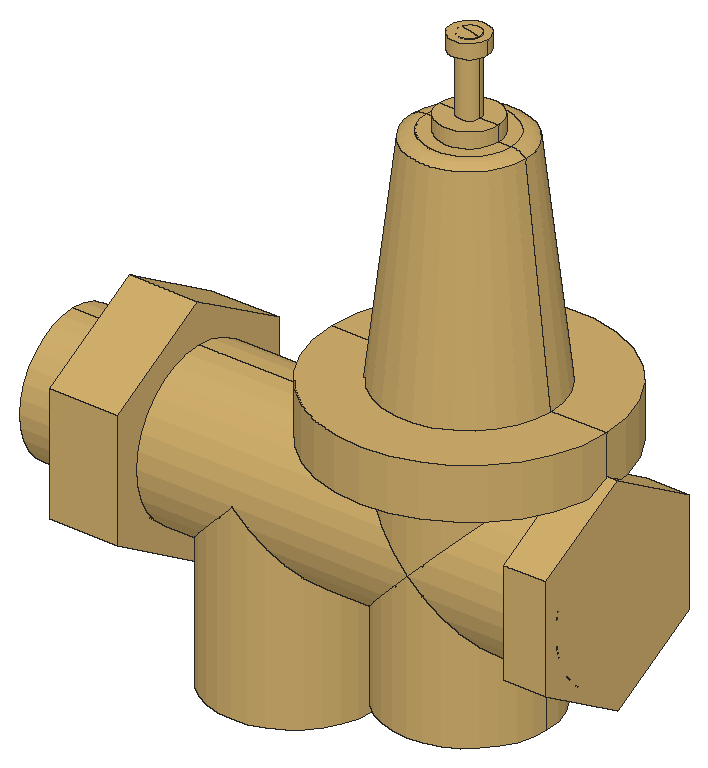
Revit family "xWater_Pressure_Reducing_Valves-WATTS-LF25AUB-Z3_Series", category Pipe Accessories, Revit 2014
Parameters (values of type "2" LF25AUB-S-Z3")
  Union_Thk = 1.160"
  Union_AF = 1.720"
  Union_AC = Union_AF * 1.155  # 1.9866"
  URL = "http://www.watts.com"
  Tailpiece_Rad = 1.136"
  Tailpiece_Length = 0.974"
  STR_Rad = 1.330"
  STR_Length = 3.240"
  STR_Dist = 2.990"
  Region = "North America"  # constant formula
  Product Page URL = "http://www.watts.com/pages/_products_details.asp?pid=6805"
  Product Documentation Link = "http://media.wattswater.com/ES-LF25AUB.pdf"
  Out_Dist = 2.530"
  OAL = In_Dist + Out_Dist - Tailpiece_Length  # 8.316"
  Model = "LF25AUB-S-Z3"
  Max. Working Pressure = "300psi (20.7 bar)"  # constant formula
  Material = "Lead Free-WATTS-Brass"  # constant formula
  Manufacturer Product Line = "Water Safety & Flow Control"  # constant formula
  Manufacturer = "WATTS"
  Installation Instructions = "http://www.watts.com/pdf/1911439.pdf"
  In_Dist = 6.760"
  Flow Rate = "See Specification Sheet"
  Description = "Series LF25AUB-Z3 Lead Free* Water Pressure Reducing Valves are used in commercial and residential applications to reduce incoming water pressure for protection of plumbing system components and to reduce water consumption. It consists of a Lead Free* copper silicon alloy body construction, union inlet connection, integral stainless steel strainer and high temperature resistant reinforced diaphragm for hot water.  The Series LF25AUB-Z3 is available with a variety of end connections including: threaded, solder, PEX, quick-connect and CPVC with both union and double union connections. Series LF25AUB-Z3 has an adjustable pressure range and is serviceable in-line. Maximum Working Pressure: 300psi (21 bar), Adjustable Reduced Pressure Range: 25 to 75psi (172 to 517 kPa), Standard Pressure Setting: 50psi (344kPa)."  # constant formula
  Country = "United States"  # constant formula
  Connection_Rad = 1"
  Connection Type = "2\" Female Sweat"
  Connection Size = Connection_Rad * 2  # 2.000"
  Cage_Top_Rad = 0.726"
  Cage_Hieght = 3.810"
  Cage_Flange_Thk = 0.870"
  Cage_Flange_Rad = 2.345"
  Cage_Fillet = 0.370"
  Cage_Dist = 2.420"
  Cage_Btm_Rad = 1.400"
  Cage_Boss_Rad = 0.500"
  Cage_Boss_Hieght = 0.250"
  Btm_Plug_Dist = 2.475"
  Body_Main_Rad = 1.330"
  Body_Hex_Thk = -0.730"
  Body_Hex_AF = 1.520"
  Body_Hex_AC = Body_Hex_AF * 1.155  # 1.7556"
  Body_Flow_Rad = 1.330"
  Adj_Screw_WP = Cage_Dist + Cage_Hieght + Cage_Boss_Hieght + Adj_Screw_Hieght  # 7.730"
  Adj_Screw_Rad = 0.187"
  Adj_Screw_Hieght = 1.250"
  Adj_Screw_Head_Hieght = -0.240"
  Adj_Screw_Head_AF = 0.320"
Types (13): name | Union_Thk | Union_AF | Union_AC | Tailpiece_Rad | Tailpiece_Length | STR_Rad | STR_Length | STR_Dist | Out_Dist | OAL | Model | In_Dist | Connection_Rad | Connection Type | Connection Size | Cage_Top_Rad | Cage_Hieght | Cage_Flange_Thk | Cage_Flange_Rad | Cage_Fillet | Cage_Dist | Cage_Btm_Rad | Cage_Boss_Rad | Cage_Boss_Hieght | Btm_Plug_Dist | Body_Main_Rad | Body_Hex_Thk | Body_Hex_AF | Body_Hex_AC | Body_Flow_Rad | Adj_Screw_WP
  (no name) | 1.160" | 1.720" | 1.9866" | 1.136" | 0.974" | 1.330" | 3.240" | 2.990" | 2.530" | 8.316" | "LF25AUB-S-Z3" | 6.760" | 1" | "2\" Female Sweat" | 2.000" | 0.726" | 3.810" | 0.870" | 2.345" | 0.370" | 2.420" | 1.400" | 0.500" | 0.250" | 2.475" | 1.330" | -0.730" | 1.520" | 1.7556" | 1.330" | 7.730"
  1/2" LF25AUB-Z3 | 0.500" | 0.655" | 0.75653" | 0.508" | 0.453" | 0.625" | 1.390" | 1.690" | 1.690" | 4.880" | "25LFAUB-Z3" | 3.643" | 1/4" | "1/2\" Female NPT" | 0.500" | 0.476" | 2.470" | 0.560" | 1.515" | 0.250" | 1.230" | 0.920" | 0.375" | 0.280" | 1.220" | 0.690" | -0.560" | 0.675" | 0.77963" | 0.625" | 5.230"
  1/2" LF25AUB-S-Z3 | 0.500" | 0.655" | 0.75653" | 0.378" | 0.451" | 0.625" | 1.390" | 1.690" | 1.690" | 4.842" | "LF25AUB-S-Z3" | 3.603" | 1/4" | "1/2\" Female Sweat" | 0.500" | 0.476" | 2.470" | 0.560" | 1.515" | 0.250" | 1.230" | 0.920" | 0.375" | 0.280" | 1.220" | 0.690" | -0.560" | 0.675" | 0.77963" | 0.625" | 5.230"
  3/4" LF25AUB-Z3 | 0.640" | 0.845" | 0.97598" | 0.633" | 0.438" | 0.625" | 1.390" | 1.690" | 1.623" | 4.858" | "LF25AUB-Z3" | 3.673" | 3/8" | "3/4\" Female NPT" | 0.750" | 0.476" | 2.470" | 0.540" | 1.530" | 0.250" | 1.230" | 0.920" | 0.375" | 0.280" | 1.220" | 0.690" | -0.500" | 0.780" | 0.9009" | 0.625" | 5.230"
  3/4" LF25AUB-S-Z3 | 0.640" | 0.845" | 0.97598" | 0.503" | 0.638" | 0.625" | 1.390" | 1.690" | 1.623" | 4.858" | "LF25AUB-S-Z3" | 3.873" | 3/8" | "3/4\" Female Sweat" | 0.750" | 0.476" | 2.470" | 0.540" | 1.530" | 0.250" | 1.230" | 0.920" | 0.375" | 0.280" | 1.220" | 0.690" | -0.500" | 0.780" | 0.9009" | 0.625" | 5.230"
  1" LF25AUB-Z3 | 0.625" | 1.000" | 1.155" | 0.781" | 0.505" | 0.655" | 1.790" | 1.940" | 1.913" | 5.455" | "LF25AUB-Z3" | 4.047" | 1/2" | "1\" Female NPT" | 1.000" | 0.550" | 2.720" | 0.584" | 1.780" | 0.250" | 1.574" | 1.015" | 0.375" | 0.280" | 1.846" | 0.875" | -0.621" | 0.875" | 1.01063" | 0.825" | 5.824"
  1" LF25AUB-S-Z3 | 0.625" | 1.000" | 1.155" | 0.628" | 0.735" | 0.655" | 1.790" | 1.940" | 1.913" | 5.455" | "LF25AUB-S-Z3" | 4.277" | 1/2" | "1\" Female Sweat" | 1.000" | 0.550" | 2.720" | 0.584" | 1.780" | 0.250" | 1.574" | 1.015" | 0.375" | 0.280" | 1.846" | 0.875" | -0.621" | 0.875" | 1.01063" | 0.825" | 5.824"
  1-1/4" LF25AUB-Z3 | 0.938" | 1.290" | 1.48995" | 0.945" | 0.830" | 1.130" | 2.226" | 2.670" | 2.400" | 7.860" | "LF25AUB-Z3" | 6.290" | 5/8" | "1-1/4\" Female NPT" | 1.250" | 0.570" | 3.190" | 0.725" | 2.000" | 0.370" | 1.985" | 1.210" | 0.375" | 0.190" | 2.226" | 1.130" | -0.710" | 1.220" | 1.4091" | 1.130" | 6.615"
  1-1/4" LF25AUB-S-Z3 | 0.938" | 1.290" | 1.48995" | 0.745" | 0.685" | 1.130" | 2.226" | 2.670" | 2.400" | 7.715" | "LF25AUB-S-Z3" | 6.000" | 5/8" | "1-1/4\" Female Sweat" | 1.250" | 0.570" | 3.190" | 0.725" | 2.000" | 0.370" | 1.985" | 1.210" | 0.375" | 0.190" | 2.226" | 1.130" | -0.710" | 1.220" | 1.4091" | 1.130" | 6.615"
  1-1/2" LF25AUB-Z3 | 0.938" | 1.500" | 1.7325" | 1.105" | 0.770" | 1.130" | 2.226" | 2.670" | 2.400" | 7.920" | "LF25AUB-Z3" | 6.290" | 3/4" | "1-1/2\" Female NPT" | 1.500" | 0.570" | 3.190" | 0.725" | 2.000" | 0.370" | 1.985" | 1.210" | 0.375" | 0.190" | 2.226" | 1.130" | -0.710" | 1.220" | 1.4091" | 1.130" | 6.615"
  1-1/2" LF25AUB-S-Z3 | 0.938" | 1.500" | 1.7325" | 0.876" | 0.740" | 1.130" | 2.226" | 2.670" | 2.400" | 7.780" | "LF25AUB-S-Z3" | 6.120" | 3/4" | "1-1/2\" Female Sweat" | 1.500" | 0.570" | 3.190" | 0.725" | 2.000" | 0.370" | 1.985" | 1.210" | 0.375" | 0.190" | 2.226" | 1.130" | -0.710" | 1.220" | 1.4091" | 1.130" | 6.615"
  2" LF25AUB-Z3 | 1.160" | 1.720" | 1.9866" | 1.330" | 0.794" | 1.330" | 3.240" | 2.990" | 2.530" | 8.446" | "LF25AUB-Z3" | 6.710" | 1" | "2\" Female NPT" | 2.000" | 0.726" | 3.810" | 0.870" | 2.345" | 0.370" | 2.420" | 1.400" | 0.500" | 0.250" | 2.475" | 1.330" | -0.730" | 1.520" | 1.7556" | 1.330" | 7.730"
  2" LF25AUB-S-Z3 | 1.160" | 1.720" | 1.9866" | 1.136" | 0.974" | 1.330" | 3.240" | 2.990" | 2.530" | 8.316" | "LF25AUB-S-Z3" | 6.760" | 1" | "2\" Female Sweat" | 2.000" | 0.726" | 3.810" | 0.870" | 2.345" | 0.370" | 2.420" | 1.400" | 0.500" | 0.250" | 2.475" | 1.330" | -0.730" | 1.520" | 1.7556" | 1.330" | 7.730"
Reference planes (in)
  plane 1 "Center (Front/Back)": y = 0
  plane 2: z = 0
  plane 3 "Center (Left/Right)": x = 0
  plane 4 "IN": x = -6.76
  plane 5 "OUT": x = 2.53
  plane 6 "Strainer": x = -2.99
  plane 7 "Union_Nut": x = -5.786
  plane 8 "AdjustingScrew": z = 7.73
  plane 9: y = 1.33
  plane 10: y = -1.33
  plane 11: x = 1.556
Forms (in)
  Extrusion 1, solid, material "Lead Free-WATTS-Brass"
    sketch origin (-5.786, 0, 0) x (0, 0, 1) y (0, -1, 0)
      loop
        circle (0, 0) r 1.33
    from 0 to 8.316 <- "OAL"
  Extrusion 2, solid, material "Lead Free-WATTS-Brass"
    sketch origin (-6.76, 0, 0) x (0, 0, 1) y (0, -1, 0)
      loop
        circle (0, 0) r 1.136
    from 0 to 0.974 <- "Tailpiece_Length"
  Extrusion 3, solid, material "Lead Free-WATTS-Brass"
    sketch origin (-5.786, 0, 0) x (0, 0, 1) y (0, -1, 0)
      loop
        line (0.99253, -1.72) -> (1.9866, 0) -> (0.99253, 1.72) -> (-0.99253, 1.72) -> (-1.9866, 0) -> (-0.99253, -1.72) -> (0.99253, -1.72)
    from 0 to 1.16 <- "Union_Thk"
  Extrusion 4, solid, material "Lead Free-WATTS-Brass"
    sketch origin (2.53, 0, 0) x (0, 0, 1) y (0, -1, 0)
      loop
        line (-0.87712, 1.52) -> (-1.7556, 0) -> (-0.87712, -1.52) -> (0.87712, -1.52) -> (1.7556, 0) -> (0.87712, 1.52) -> (-0.87712, 1.52)
    from 0 to -0.73 <- "Body_Hex_Thk"
  Revolve 5, solid, material "Lead Free-WATTS-Brass"
    sketch origin (0, 0, 0) x (1, 0, 0) y (0, 0, 1)
      loop
        line (0, -2.475) -> (0, 2.42) -> (-2.345, 2.42) -> (-2.345, 1.55) -> (-1.33, 1.55) -> (-1.33, -2.475) -> (0, -2.475)
      axis (0, 2.42) -> (0, -2.475)
    angle from 0 to 360
  Revolve 6, solid, material "Lead Free-WATTS-Brass"
    sketch origin (0, 0, 0) x (1, 0, 0) y (0, 0, 1)
      loop
        line (-1.4, 2.42) -> (0, 2.42) -> (0, 7.73) -> (-0.187, 7.73) -> (-0.187, 6.48) -> (-0.5, 6.48) -> (-0.5, 6.23) -> (-0.726, 6.23)
        arc (-0.726, 6.23) -> (-0.8577, 6.20577) -> (-0.97215, 6.13624) r 0.37
        line (-0.97215, 6.13624) -> (-1.4, 2.42)
      axis (0, 7.73) -> (0, 2.42)
    angle from 0 to 360
  Extrusion 7, solid, material "Lead Free-WATTS-Brass"
    sketch origin (0, 0, 7.73) x (-1, 0, 0) y (0, -1, 0)
      loop
        circle (0, 0) r 0.32
    from 0 to -0.24 <- "Adj_Screw_Head_Hieght"
  Revolve 8, solid, material "Lead Free-WATTS-Brass"
    sketch origin (0, 0, 0) x (1, 0, 0) y (0, 0, 1)
      loop
        line (-2.99, 0) -> (-4.32, 0) -> (-4.32, -3.24) -> (-2.99, -3.24) -> (-2.99, 0)
      axis (-2.99, 0) -> (-2.99, -3.24)
    angle from 0 to 360
Lines and regions (in)
  Masking region 1, detail levels fine
    outline origin (0, 0, 7.73) x (-1, 0, 0) y (0, -1, 0)
      loop
        line (6.76, -1.136) -> (6.76, 1.136) -> (5.786, 1.136) -> (5.786, 1.755) -> (4.626, 1.755) -> (4.626, 1.33) -> (1.93135, 1.33)
        arc (1.93135, 1.33) -> (0.11971, 2.34194) -> (-1.78567, 1.52) r 2.345
        line (-1.78567, 1.52) -> (-2.53, 1.52) -> (-2.53, -1.52) -> (-1.78567, -1.52)
        arc (-1.78567, -1.52) -> (0.11971, -2.34194) -> (1.93135, -1.33) r 2.345
        line (1.93135, -1.33) -> (4.626, -1.33) -> (4.626, -1.755) -> (5.786, -1.755) -> (5.786, -1.136) -> (6.76, -1.136)
  symbolic lines, detail levels fine
    curve 1: circle (0, 0, 7.73) r 2.345 normal (0, 0, -1)
    curve 2: line (-5.786, 1.136, 7.73) -> (-5.786, -1.136, 7.73)
    curve 3: line (-4.626, -1.33, 7.73) -> (-4.626, 1.33, 7.73)
  model lines, detail levels coarse+medium
    curve 4: line (-5.786, 1.33, 0) -> (-5.786, -1.33, 0)
    curve 5: line (1.556, 1.33, 0) -> (1.556, -1.33, 0)
    curve 6: line (-5.786, 1.33, 0) -> (1.556, -1.33, 0)
    curve 7: line (1.556, 1.33, 0) -> (-5.786, -1.33, 0)
    curve 8: line (1.556, 0, 0) -> (2.53, 0, 0)
    curve 9: line (-5.786, 0, 0) -> (-6.76, 0, 0)
Dimensions and locks (in)
  "In_Dist": plane 3 "Center (Left/Right)" to plane 4 "IN"
  "Out_Dist": plane 5 "OUT" to plane 3 "Center (Left/Right)"
  "STR_Dist": plane 3 "Center (Left/Right)" to plane 6 "Strainer"
  "Tailpiece_Length": plane 7 "Union_Nut" to plane 4 "IN"
  "Union_AF": Extrusion 3 sketch curve to plane 1 "Center (Front/Back)"
  "Union_AF": plane 1 "Center (Front/Back)" to Extrusion 3 sketch curve  (x5)
  "Union_AC": level to Extrusion 3 sketch curve
  "Union_AC": Extrusion 3 sketch curve to level
  "Body_Hex_AF": Extrusion 4 sketch curve to plane 1 "Center (Front/Back)"  (x5)
  "Body_Hex_AF": plane 1 "Center (Front/Back)" to Extrusion 4 sketch curve
  "Body_Hex_AC": Extrusion 4 sketch curve to level
  "Body_Hex_AC": level to Extrusion 4 sketch curve
  "Body_Main_Rad": Revolve 5 sketch curve to Revolve 5 sketch curve
  "Cage_Flange_Rad": Revolve 5 sketch curve to Revolve 5 sketch curve
  "Cage_Dist": Revolve 5 sketch curve to level
  "Cage_Flange_Thk": Revolve 5 sketch curve to Revolve 5 sketch curve
  "Btm_Plug_Dist": level to Revolve 5 sketch curve
  "Cage_Btm_Rad": plane 3 "Center (Left/Right)" to Revolve 6 sketch curve
  "Adj_Screw_Rad": plane 3 "Center (Left/Right)" to Revolve 6 sketch curve
  "Cage_Boss_Rad": Revolve 6 sketch curve to Revolve 6 sketch curve
  "Cage_Top_Rad": Revolve 6 sketch curve to Revolve 6 sketch curve
  "Cage_Hieght": Revolve 6 sketch curve to Revolve 5
  "Cage_Boss_Hieght": Revolve 6 sketch curve to Revolve 6 sketch curve
  "Adj_Screw_Hieght": Revolve 6 sketch curve to Revolve 6 sketch curve
  "Adj_Screw_WP": plane 8 "AdjustingScrew" to level
  "STR_Length": level to Revolve 8 sketch curve
  "STR_Rad": plane 6 "Strainer" to Revolve 8 sketch curve
  "Body_Flow_Rad": plane 1 "Center (Front/Back)" to Masking region 1 sketch curve
  "Body_Flow_Rad": Masking region 1 sketch curve to plane 1 "Center (Front/Back)"
  "Tailpiece_Rad": plane 1 "Center (Front/Back)" to Masking region 1 sketch curve
  "Tailpiece_Rad": Masking region 1 sketch curve to plane 1 "Center (Front/Back)"
  "Body_Flow_Rad": plane 1 "Center (Front/Back)" to plane 9
  "Body_Flow_Rad": plane 10 to plane 1 "Center (Front/Back)"
  "Tailpiece_Length": plane 11 to plane 5 "OUT"
  locked: Masking region 1 sketch curve to plane 9 at 0.425
  locked: Masking region 1 sketch curve to plane 10 at 0.425
  "Body_Flow_Rad": radius of Extrusion 1 sketch curve
  "Tailpiece_Rad": radius of Extrusion 2 sketch curve
  "Cage_Fillet": radius of Revolve 6 sketch curve
  "Adj_Screw_Head_AF": radius of Extrusion 7 sketch curve
  aligned and locked: Revolve 5 sketch curve to plane 3 "Center (Left/Right)"
  aligned and locked: Revolve 5 sketch curve to Revolve 5 sketch curve
  aligned and locked: Revolve 6 sketch curve to plane 3 "Center (Left/Right)"
  aligned and locked: Revolve 6 sketch curve to Revolve 5
  aligned and locked: Revolve 6 sketch curve to Revolve 6 sketch curve
  aligned and locked: level to Revolve 8 sketch curve
  aligned and locked: Revolve 8 sketch curve to plane 6 "Strainer"
  aligned and locked: Revolve 8 sketch curve to Revolve 8 sketch curve
  aligned and locked: Masking region 1 sketch curve to plane 4 "IN"
  aligned and locked: Masking region 1 sketch curve to plane 7 "Union_Nut"
  aligned and locked: plane 7 "Union_Nut" to Masking region 1 sketch curve
  aligned and locked: Masking region 1 sketch curve to Masking region 1 sketch curve
  aligned and locked: Masking region 1 sketch curve to Extrusion 3
  aligned and locked: Masking region 1 sketch curve to Revolve 5  (x2)
  aligned and locked: Masking region 1 sketch curve to Extrusion 4  (x2)
  aligned and locked: Masking region 1 sketch curve to plane 5 "OUT"
  aligned and locked: curve 1 to Revolve 5
  aligned and locked: Extrusion 3 to curve 2
  aligned and locked: Extrusion 3 to curve 3
  aligned and locked: curve 2 to Masking region 1
  aligned and locked: Masking region 1 to curve 2
  aligned and locked: curve 3 to Masking region 1
  aligned and locked: Masking region 1 to curve 3
  aligned and locked: plane 9 to curve 6
  aligned and locked: plane 10 to curve 7
  aligned and locked: plane 10 to curve 6
  aligned and locked: plane 9 to curve 7
  aligned and locked: curve 4 to plane 7 "Union_Nut"
  aligned and locked: curve 5 to plane 11
Automatic sketch dimensions
  Extrusion 1 sketch curve to level = 0.000"
  Extrusion 1 sketch curve to plane 1 "Center (Front/Back)" = 0.000"
  Extrusion 2 sketch curve to level = 0.000"
  Extrusion 2 sketch curve to plane 1 "Center (Front/Back)" = 0.000"
  Extrusion 3 sketch curve to plane 1 "Center (Front/Back)" = 0.000"  (x2)
  Extrusion 4 sketch curve to plane 1 "Center (Front/Back)" = 0.000"  (x2)
  Revolve 6 sketch curve to Revolve 6 sketch curve = 0.24615"
  Revolve 6 sketch curve to Revolve 6 sketch curve = 0.000"  (x2)
  Extrusion 7 sketch curve to plane 1 "Center (Front/Back)" = 0.000"
  Extrusion 7 sketch curve to plane 3 "Center (Left/Right)" = 0.000"
  Revolve 8 sketch curve to level = 0.000"
  Revolve 8 sketch curve to Revolve 8 sketch curve = 0.000"
  Revolve 5 sketch curve to Revolve 5 sketch curve = 0.000"  (x2)
  plane 1 "Center (Front/Back)" to curve 9 = 0.000"
  curve 9 to plane 4 "IN" = 0.000"
  plane 1 "Center (Front/Back)" to curve 8 = 0.000"
  curve 8 to plane 5 "OUT" = 0.000"
Connectors (in)
  piping at (-6.76, 0, 0), diameter 2, driven by "Connection_Rad"
    settings: on Extrusion 2, index 1, connector inside diameter 1/2", connector length 0.000", flow factor 0, pipe flow 0 GPM, pressure drop 0.00 psi, fitting loss kfactor 0, connector angle 0.00°, fixture units 0, engagement length 0.000", angle of deflection 0.00°, flow configuration 0, flow direction 1, fitting loss method 0, system type 29, joint type 0, gender type 0, connector reference index 2, connector utility 0, adjustable connector no, is connector primary yes, connector description "Inlet Connection"
  piping at (2.53, 0, 0), diameter 2, driven by "Connection_Rad"
    settings: on Extrusion 1, index 2, connector inside diameter 1/2", connector length 0.000", flow factor 0, pipe flow 0 GPM, pressure drop 0.00 psi, fitting loss kfactor 0, connector angle 0.00°, fixture units 0, engagement length 0.000", angle of deflection 0.00°, flow configuration 0, flow direction 2, fitting loss method 0, system type 29, joint type 0, gender type 0, connector reference index 1, connector utility 0, adjustable connector no, is connector primary no, connector description "Outlet Connection"
